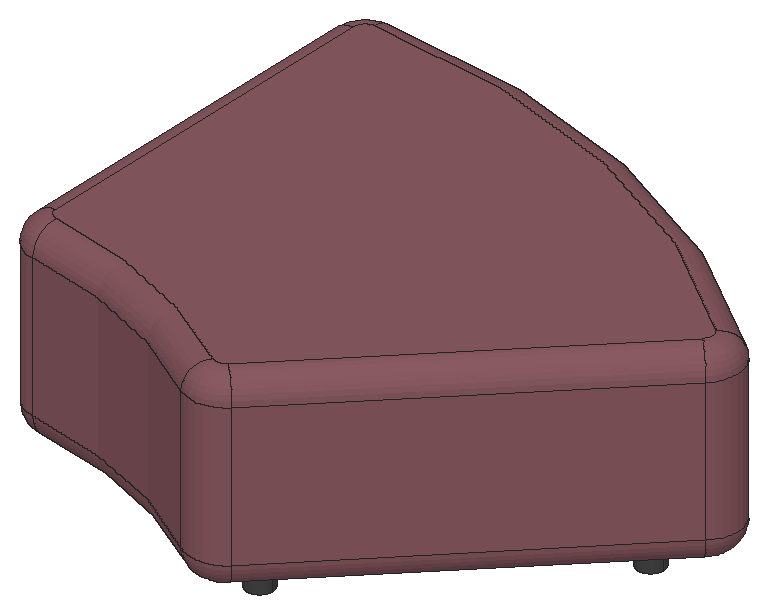
Revit family "Furniture_Sofa_Chanel 5557", category Furniture, Revit 2019
Family settings
  OmniClass Number = 23.21.23.15.17
  Work Plane-Based = Yes
  Always vertical = No
  Cut with Voids When Loaded = No
  Shared = No
  Room Calculation Point = No
Parameters (values of type "CHANEL 5557")
  Youtube clip = ""
  Uniformat II Description = "Movable Furnishings"
  Uniformat II Code = ""
  Uniclass 2015 Name = ""
  Uniclass 2015 Code = ""
  Uniclass 2.0 Description = ""
  Uniclass 2.0 Code = ""
  Uniclass 1.4 Description = ""
  Uniclass 1.4 Code = ""
  UNSPSC Code = ""
  Technical description = ""
  Shell Material = Leather - Subtract AK013
  Frame Material = Steel - Black
  Region South America = "All"
  Region Oceania = "All"
  Region North America = "All"
  Region Middle East = "All"
  Region Europe = "All"
  Region Asia = "All"
  Region Antarctica = "All"
  Region Africa = "All"
  QR code = "https://www.sandlerseating.com/product/chanel-5557/"
  Product url = "https://www.sandlerseating.com/product/chanel-5557/"
  Product name = "CHANEL 5557"
  Product group = "Sofa"
  Product family = "Furniture"
  Product data url = "https://www.sandlerseating.com/product/chanel-5557/"
  Product certification = ""
  Product SKU = "??"
  Product Guid = "??"
  OmniClass Description = ""
  OmniClass Code = "23-21 23 15 17"
  NBS Reference Description = ""
  NBS Reference Code = ""
  Model = "CHANEL 5557"
  Masterformat 2014 Description = "Sofa Mats"
  Masterformat 2014 Code = "12 48 43.13"
  Manufacturer name = "Sandler"
  Manufacturer country = "USA"
  Manufacturer = "Sandler"
  Installation instructions = ""
  IFC Classification = "Furnishing Element"
  GTIN code = ""
  Edition number = 1
  Design country = "Brasil"
  Description = "Sofa"
  Default Elevation = 0.000 mm
  Date of publishing = ""
  COBIe Type Category = ""
  Brand url = "https://www.sandlerseating.com/"
  BIMobject main category code = "furniture"
  BIMobject main category = "Furniture"
  BIMobject category code = "furniture-sofa"
  BIMobject category = "Sofa"
Reference planes
  plane 1 "Center Front/Back": y = 0
  plane 2: z = 0
  plane 3 "Center Left/Right": x = 0
  plane 4: z = 430
  plane 5: z = 790
  plane 6: x = -625
  plane 7: x = 625
  plane 8: y = -465
  plane 9: y = 465
  plane 10: z = 50
Forms (mm)
  Extrusion 1, solid, material "Leather - Subtract AK013" <- "Shell Material"
    sketch origin (0, 0, 800) x (-1, 0, 0) y (0, -1, 0)
      loop
        arc (524.807, 311.579) -> (506.817, 359.605) -> (461.702, 383.993) r 73.101
        arc (461.702, 383.993) -> (229.991, 447.157) -> (22.056, 567.336) r 933.721
        arc (22.056, 567.336) -> (-27.139, 582.22) -> (-73.971, 561.045) r 73.101
        line (-73.971, 561.045) -> (-596.471, 40.129)
        arc (-596.471, 40.129) -> (-617.956, -12.385) -> (-595.404, -64.45) r 73.101
        arc (-595.404, -64.45) -> (-113.37, -379.496) -> (449.871, -499.373) r 1568.712
        arc (449.871, -499.373) -> (502.743, -478.63) -> (524.807, -426.295) r 73.101
        line (524.807, -426.295) -> (524.807, 311.579)
    from -750 to -370
  Extrusion 2, solid, material "Steel - Black" <- "Frame Material"
    sketch origin (0, 0, 800) x (-1, 0, 0) y (0, -1, 0)
      loop
        circle (417.995, -350.248) r 26.255
      loop
        circle (-467.371, 16.483) r 26.255
      loop
        circle (-36.724, 446.107) r 26.255
      loop
        circle (417.272, 258.055) r 26.255
    from -800 to -750
  Sweep 3, void
    path in 3D
      loop
        arc (-524.807, -311.579, 430) -> (-506.817, -359.605, 430) -> (-461.702, -383.993, 430) r 73.101
        arc (-461.702, -383.993, 430) -> (-229.991, -447.157, 430) -> (-22.056, -567.336, 430) r 933.721
        arc (-22.056, -567.336, 430) -> (27.139, -582.22, 430) -> (73.971, -561.045, 430) r 73.101
        line (73.971, -561.045, 430) -> (596.471, -40.129, 430)
        arc (596.471, -40.129, 430) -> (617.956, 12.385, 430) -> (595.404, 64.45, 430) r 73.101
        arc (595.404, 64.45, 430) -> (113.37, 379.496, 430) -> (-449.871, 499.373, 430) r 1568.712
        arc (-449.871, 499.373, 430) -> (-502.743, 478.63, 430) -> (-524.807, 426.295, 430) r 73.101
        line (-524.807, 426.295, 430) -> (-524.807, -311.579, 430)
    profile origin (-524.807, 57.358, 430) x (1, 0, 0) y (0, 0, 1)
      loop
        line (0, 0) -> (0, -50)
        arc (0, -50) -> (14.645, -14.645) -> (50, 0) r 50
        line (50, 0) -> (0, 0)
      loop
        line (0, -380) -> (50, -380)
        arc (50, -380) -> (14.645, -365.355) -> (0, -330) r 50
        line (0, -330) -> (0, -380)
Cuts and joins
  Sweep 3 cuts Extrusion 1
Lines and regions (mm)
  sketch lines
    curve 1: line (-524.807, 426.295, 430) -> (-524.807, -311.579, 430)
    curve 2: arc (-461.702, -383.993, 430) -> (-506.817, -359.605, 430) -> (-524.807, -311.579, 430) r 73.101
    curve 3: arc (-22.056, -567.336, 430) -> (-229.991, -447.157, 430) -> (-461.702, -383.993, 430) r 933.721
    curve 4: arc (73.971, -561.045, 430) -> (27.139, -582.22, 430) -> (-22.056, -567.336, 430) r 73.101
    curve 5: line (73.971, -561.045, 430) -> (596.471, -40.129, 430)
    curve 6: arc (595.404, 64.45, 430) -> (617.956, 12.385, 430) -> (596.471, -40.129, 430) r 73.101
    curve 7: arc (-449.871, 499.373, 430) -> (113.37, 379.496, 430) -> (595.404, 64.45, 430) r 1568.712
    curve 8: arc (-524.807, 426.295, 430) -> (-502.743, 478.63, 430) -> (-449.871, 499.373, 430) r 73.101
Dimensions and locks
  aligned and locked: level to plane 2
